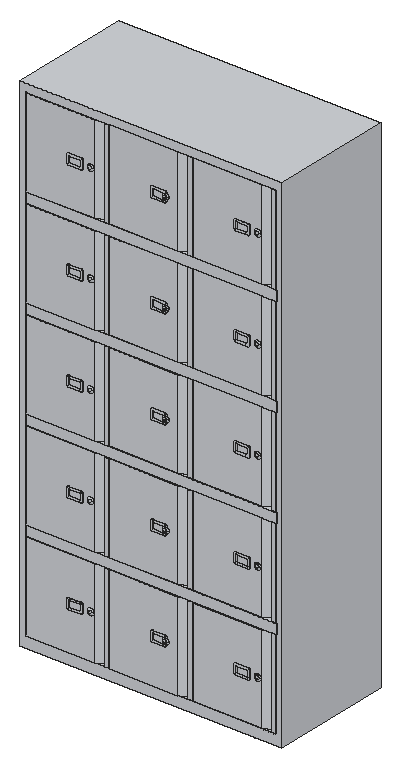
Revit family "BISLEY_SystemFile_Lodges", category Furniture, Revit 2018
Family settings
  OmniClass Number = 23.40.20.00
  OmniClass Title = General Furniture and Specialties
  Work Plane-Based = No
  Always vertical = Yes
  Cut with Voids When Loaded = No
  Shared = No
  Room Calculation Point = No
Parameters (values of type "SYL1060LT5B")
  Width = 1000 mm
  Warranty = "10 years"  # constant formula
  Uniclass2015Version = "V1.1"  # constant formula
  Uniclass2015Title = "Shelves and Storage Units"  # constant formula
  Uniclass 2015 Code = "PR_40_30_57"  # constant formula
  URL = "www.bisley.com"
  Training Requirements for Operational Use = "N/A"  # constant formula
  Routine Maintenance = "We recommend you clean your unit with warm water and a mild detergent solution. A damp cloth can be used to remove dust particles."  # constant formula
  Product Information = "15 x 342.9mm doors"
  Name = "Systemfile Lodge"  # constant formula
  Model Reference = "SYL1060LT5B"
  Model Number = ""  # constant formula
  Model = "Systemfile Lodge"  # constant formula
  Material = "Steel"  # constant formula
  Manufacturer = "Bisley"  # constant formula
  LockerType = "Systemfile"  # constant formula
  Installation Date = ""
  Height = 1947 mm
  Finish = "Powder Coated"  # constant formula
  Depth = 470 mm
  Compliance Standards Certification = "BS EN 14073 2004 Part 2 & 3, BS EN 14074, BS 4875 1998 Part 7 level 4 & Part 8, BS 476 Part 7 1987 Class 2Y"  # constant formula
  Colour = ""
  Category = "Furniture"  # constant formula
  Author = "Bisley"  # constant formula
  5th Row Tie Bar = yes
  5th Row TRIPLE = yes
  5th Row Door Height = 338.2 mm
  5th Row DOUBLE = no
  4th Row Tie Bar = yes
  4th Row TRIPLE = yes
  4th Row Doors Height = 338.2 mm
  4th Row DOUBLE = no
  3rd Row TRIPLE = yes
  3rd Row Doors Height = 338.2 mm
  3rd Row DOUBLE = no
  2nd Row TRIPLE = yes
  2nd Row DOUBLE = no
  1st Row TRIPLE = yes
  2nd Row Doors Height = 338.2 mm
  1st Row Doors Height = 338.2 mm
  1st Row DOUBLE = no
Reference planes
  plane 1 "Center (Front/Back)": y = 0
  plane 2: z = 7
  plane 3 "Center (Left/Right)": x = 0
  plane 4: x = -500
  plane 5: x = 500
  plane 6: y = 235
  plane 7: y = -235
  plane 8: z = 1954
  plane 9: z = 20
  plane 10: z = 60
  plane 11: x = -480
  plane 12: x = 480
  plane 13: y = 230
  plane 14: y = -215
  plane 15: y = -190
  plane 16: y = 190
  plane 17: z = 400.2
  plane 18: z = 402.2
  plane 19: z = 440.2
  plane 20: z = 442.2
  plane 21: z = 62
  plane 22: x = 478
  plane 23: x = -478
  plane 24: z = 231.1
  plane 25: z = 780.4
  plane 26: z = 782.4
  plane 27: z = 820.4
  plane 28: z = 822.4
  plane 29: z = 611.3
  plane 30: z = 1160.6
  plane 31: z = 1162.6
  plane 32: z = 1200.6
  plane 33: z = 1202.6
  plane 34: z = 1540.8
  plane 35: z = 1542.8
  plane 36: z = 1580.8
  plane 37: z = 1582.8
  plane 38: z = 991.5
  plane 39: z = 1371.7
  plane 40: z = 1751.9
  plane 41: z = 1921
  plane 42: z = 231.1
  plane 43: z = 611.3
  plane 44: z = 991.5
  plane 45: z = 1371.7
  plane 46: z = 1751.9
  plane 47: x = -160.667
  plane 48: x = -158.667
  plane 49: x = 158.667
  plane 50: x = 160.667
Forms (mm)
  Extrusion 1, solid
    sketch origin (0, 0, 7) x (1, 0, 0) y (0, 1, 0)
      loop
        line (-500, 235) -> (-500, -235) -> (500, -235) -> (500, 235) -> (-500, 235)
    from 13 to 1947
  Extrusion 2, void
    sketch origin (0, 0, 0) x (1, 0, 0) y (0, 0, 1)
      loop
        line (-480, 1924) -> (-480, 60) -> (480, 60) -> (480, 1924) -> (-480, 1924)
    from -230 to 235
  Extrusion 3, solid, not visible
    sketch origin (-14, 0, -11.486) x (0, 0, -1) y (0, -1, 0)
      loop
        line (-375, 215) -> (-73.486, 215) -> (-73.486, 235) -> (-323.022, 235) -> (-358, 216.402) -> (-373.358, 216.402) -> (-373.358, 233.251) -> (-358, 233.251) -> (-358, 235) -> (-375, 235) -> (-375, 215)
    from -391 to 363
  Extrusion 4, solid
    sketch origin (0, 0, 7) x (1, 0, 0) y (0, 1, 0)
      loop
        circle (381.667, 190) r 25
      loop
        circle (381.667, -190) r 25
      loop
        circle (-381.667, -190) r 25
      loop
        circle (-381.667, 190) r 25
    from 0 to 9
  Extrusion 5, solid
    sketch origin (0, 0, 7) x (1, 0, 0) y (0, 1, 0)
      loop
        circle (-381.667, 190) r 10
      loop
        circle (381.667, 190) r 10
      loop
        circle (381.667, -190) r 10
      loop
        circle (-381.667, -190) r 10
    from 9 to 13
  Extrusion 6, solid, visible <- "1st Row DOUBLE"
    sketch origin (9.715, 0, 63) x (1, 0, 0) y (0, 1, 0)
      loop
        line (14.375, -218.749) -> (46.285, -235.008) -> (468.285, -235.008) -> (468.285, -217.008) -> (-8.715, -217.008) -> (-8.715, -235.008) -> (8.285, -235.008) -> (8.285, -233.008) -> (-6.715, -233.008) -> (-6.715, -218.749) -> (14.375, -218.749)
    from -1 to 337.2
  Blend 7, solid, visible <- "1st Row DOUBLE"
    base sketch origin (0, 0, 0) x (1, 0, 0) y (0, 0, 1)
      loop
        circle (104.374, 231.1) r 12
    top sketch origin (0, 0, 0) x (1, 0, 0) y (0, 0, 1)
      loop
        circle (104.374, 231.1) r 7.7
    from 235 to 236.964
  Extrusion 8, solid, visible <- "2nd Row DOUBLE"
    sketch origin (9.715, 0, 410) x (1, 0, 0) y (0, 1, 0)
      loop
        line (14.375, -218.749) -> (46.285, -235.008) -> (468.285, -235.008) -> (468.285, -217.008) -> (-8.715, -217.008) -> (-8.715, -235.008) -> (8.285, -235.008) -> (8.285, -233.008) -> (-6.715, -233.008) -> (-6.715, -218.749) -> (14.375, -218.749)
    from 32.2 to 370.4
  Blend 9, solid, visible <- "2nd Row DOUBLE"
    base sketch origin (0, 0, 347) x (1, 0, 0) y (0, 0, 1)
      loop
        circle (104.374, 264.3) r 12
    top sketch origin (0, 0, 347) x (1, 0, 0) y (0, 0, 1)
      loop
        circle (104.374, 264.3) r 7.7
    from 235 to 236.964
  Extrusion 10, solid, visible <- "3rd Row DOUBLE"
    sketch origin (9.715, 0, 757) x (1, 0, 0) y (0, 1, 0)
      loop
        line (14.375, -218.749) -> (46.285, -235.008) -> (468.285, -235.008) -> (468.285, -217.008) -> (-8.715, -217.008) -> (-8.715, -235.008) -> (8.285, -235.008) -> (8.285, -233.008) -> (-6.715, -233.008) -> (-6.715, -218.749) -> (14.375, -218.749)
    from 65.4 to 403.6
  Blend 11, solid, visible <- "3rd Row DOUBLE"
    base sketch origin (0, 0, 694) x (1, 0, 0) y (0, 0, 1)
      loop
        circle (104.374, 297.5) r 12
    top sketch origin (0, 0, 694) x (1, 0, 0) y (0, 0, 1)
      loop
        circle (104.374, 297.5) r 7.7
    from 235 to 236.964
  Extrusion 12, solid, visible <- "4th Row DOUBLE"
    sketch origin (9.715, 0, 1104) x (1, 0, 0) y (0, 1, 0)
      loop
        line (14.375, -218.749) -> (46.285, -235.008) -> (468.285, -235.008) -> (468.285, -217.008) -> (-8.715, -217.008) -> (-8.715, -235.008) -> (8.285, -235.008) -> (8.285, -233.008) -> (-6.715, -233.008) -> (-6.715, -218.749) -> (14.375, -218.749)
    from 98.6 to 436.8
  Blend 13, solid, visible <- "4th Row DOUBLE"
    base sketch origin (0, 0, 1041) x (1, 0, 0) y (0, 0, 1)
      loop
        circle (104.374, 330.7) r 12
    top sketch origin (0, 0, 1041) x (1, 0, 0) y (0, 0, 1)
      loop
        circle (104.374, 330.7) r 7.7
    from 235 to 236.964
  Extrusion 14, solid, visible <- "5th Row DOUBLE"
    sketch origin (9.715, 0, 1451) x (1, 0, 0) y (0, 1, 0)
      loop
        line (14.375, -218.749) -> (46.285, -235.008) -> (468.285, -235.008) -> (468.285, -217.008) -> (-8.715, -217.008) -> (-8.715, -235.008) -> (8.285, -235.008) -> (8.285, -233.008) -> (-6.715, -233.008) -> (-6.715, -218.749) -> (14.375, -218.749)
    from 131.8 to 470
  Blend 15, solid, visible <- "5th Row DOUBLE"
    base sketch origin (0, 0, 1388) x (1, 0, 0) y (0, 0, 1)
      loop
        circle (104.374, 363.9) r 12
    top sketch origin (0, 0, 1388) x (1, 0, 0) y (0, 0, 1)
      loop
        circle (104.374, 363.9) r 7.7
    from 235 to 236.964
  Extrusion 16, solid
    sketch origin (0, 0, 0) x (1, 0, 0) y (0, 0, 1)
      loop
        line (-480, 440.2) -> (-480, 402.2) -> (480, 402.2) -> (480, 440.2) -> (-480, 440.2)
    from -230 to 235
  Extrusion 17, solid
    sketch origin (0, 0, 0) x (1, 0, 0) y (0, 0, 1)
      loop
        line (-480, 820.4) -> (-480, 782.4) -> (480, 782.4) -> (480, 820.4) -> (-480, 820.4)
    from -230 to 235
  Extrusion 18, solid, visible <- "4th Row Tie Bar"
    sketch origin (0, 0, 0) x (1, 0, 0) y (0, 0, 1)
      loop
        line (-480, 1200.6) -> (-480, 1162.6) -> (480, 1162.6) -> (480, 1200.6) -> (-480, 1200.6)
    from -230 to 235
  Extrusion 19, solid, visible <- "5th Row Tie Bar"
    sketch origin (0, 0, 0) x (1, 0, 0) y (0, 0, 1)
      loop
        line (-480, 1580.8) -> (-480, 1542.8) -> (480, 1542.8) -> (480, 1580.8) -> (-480, 1580.8)
    from -230 to 235
  Extrusion 20, solid, visible <- "1st Row DOUBLE"
    sketch origin (-10.125, 0, 63) x (-1, 0, 0) y (0, -1, 0)
      loop
        line (14.375, 218.749) -> (-6.715, 218.749) -> (-6.715, 233.008) -> (8.285, 233.008) -> (8.285, 235.008) -> (-8.715, 235.008) -> (-8.715, 217.008) -> (467.875, 217.008) -> (467.875, 235.008) -> (46.285, 235.008) -> (14.375, 218.749)
    from -1 to 337.2
  Blend 21, solid, visible <- "1st Row DOUBLE"
    base sketch origin (24.113, 0, 0) x (-1, 0, 0) y (0, 0, -1)
      loop
        circle (128.488, -231.1) r 12
    top sketch origin (24.113, 0, 0) x (-1, 0, 0) y (0, 0, -1)
      loop
        circle (128.488, -231.1) r 7.7
    from 235 to 236.964
  Extrusion 22, solid, visible <- "2nd Row DOUBLE"
    sketch origin (-9.715, 0, 410) x (-1, 0, 0) y (0, -1, 0)
      loop
        line (14.375, 218.749) -> (-6.715, 218.749) -> (-6.715, 233.008) -> (8.285, 233.008) -> (8.285, 235.008) -> (-8.715, 235.008) -> (-8.715, 217.008) -> (468.285, 217.008) -> (468.285, 235.008) -> (46.285, 235.008) -> (14.375, 218.749)
    from 32.2 to 370.4
  Blend 23, solid, visible <- "2nd Row DOUBLE"
    base sketch origin (0, 0, 347) x (-1, 0, 0) y (0, 0, -1)
      loop
        circle (104.374, -264.3) r 12
    top sketch origin (0, 0, 347) x (-1, 0, 0) y (0, 0, -1)
      loop
        circle (104.374, -264.3) r 7.7
    from 235 to 236.964
  Extrusion 24, solid, visible <- "3rd Row DOUBLE"
    sketch origin (-9.715, 0, 757) x (-1, 0, 0) y (0, -1, 0)
      loop
        line (14.375, 218.749) -> (-6.715, 218.749) -> (-6.715, 233.008) -> (8.285, 233.008) -> (8.285, 235.008) -> (-8.715, 235.008) -> (-8.715, 217.008) -> (468.285, 217.008) -> (468.285, 235.008) -> (46.285, 235.008) -> (14.375, 218.749)
    from 65.4 to 403.6
  Blend 25, solid, visible <- "3rd Row DOUBLE"
    base sketch origin (0, 0, 694) x (-1, 0, 0) y (0, 0, -1)
      loop
        circle (104.374, -297.5) r 12
    top sketch origin (0, 0, 694) x (-1, 0, 0) y (0, 0, -1)
      loop
        circle (104.374, -297.5) r 7.7
    from 235 to 236.964
  Extrusion 26, solid, visible <- "4th Row DOUBLE"
    sketch origin (-9.715, 0, 1104) x (-1, 0, 0) y (0, -1, 0)
      loop
        line (14.375, 218.749) -> (-6.715, 218.749) -> (-6.715, 233.008) -> (8.285, 233.008) -> (8.285, 235.008) -> (-8.715, 235.008) -> (-8.715, 217.008) -> (468.285, 217.008) -> (468.285, 235.008) -> (46.285, 235.008) -> (14.375, 218.749)
    from 98.6 to 436.8
  Blend 27, solid, visible <- "4th Row DOUBLE"
    base sketch origin (0, 0, 1041) x (-1, 0, 0) y (0, 0, -1)
      loop
        circle (104.374, -330.7) r 12
    top sketch origin (0, 0, 1041) x (-1, 0, 0) y (0, 0, -1)
      loop
        circle (104.374, -330.7) r 7.7
    from 235 to 236.964
  Extrusion 28, solid, visible <- "5th Row DOUBLE"
    sketch origin (-9.715, 0, 1451) x (-1, 0, 0) y (0, -1, 0)
      loop
        line (14.375, 218.749) -> (-6.715, 218.749) -> (-6.715, 233.008) -> (8.285, 233.008) -> (8.285, 235.008) -> (-8.715, 235.008) -> (-8.715, 217.008) -> (468.285, 217.008) -> (468.285, 235.008) -> (46.285, 235.008) -> (14.375, 218.749)
    from 131.8 to 470
  Blend 29, solid, visible <- "5th Row DOUBLE"
    base sketch origin (0, 0, 1388) x (-1, 0, 0) y (0, 0, -1)
      loop
        circle (104.374, -363.9) r 12
    top sketch origin (0, 0, 1388) x (-1, 0, 0) y (0, 0, -1)
      loop
        circle (104.374, -363.9) r 7.7
    from 235 to 236.964
  Extrusion 30, solid, visible <- "1st Row TRIPLE"
    sketch origin (-169.382, 0, 63) x (-1, 0, 0) y (0, -1, 0)
      loop
        line (14.375, 218.749) -> (-6.715, 218.749) -> (-6.715, 233.008) -> (8.285, 233.008) -> (8.285, 235.008) -> (-8.715, 235.008) -> (-8.715, 217.008) -> (308.618, 217.008) -> (308.618, 235.008) -> (46.285, 235.008) -> (14.375, 218.749)
    from -1 to 337.2
  Blend 31, solid, visible <- "1st Row TRIPLE"
    base sketch origin (-159.667, 0, 0) x (-1, 0, 0) y (0, 0, -1)
      loop
        circle (71.041, -231.1) r 12
    top sketch origin (-159.667, 0, 0) x (-1, 0, 0) y (0, 0, -1)
      loop
        circle (71.041, -231.1) r 7.7
    from 235 to 236.964
  Extrusion 32, solid, visible <- "1st Row TRIPLE"
    sketch origin (-159.667, 0, 0) x (-1, 0, 0) y (0, 0, -1)
      loop
        line (107.018, -251.1) -> (153.018, -251.1)
        arc (153.018, -251.1) -> (157.968, -249.05) -> (160.018, -244.1) r 7
        line (160.018, -244.1) -> (160.018, -218.1)
        arc (160.018, -218.1) -> (157.968, -213.15) -> (153.018, -211.1) r 7
        line (153.018, -211.1) -> (107.018, -211.1)
        arc (107.018, -211.1) -> (102.068, -213.15) -> (100.018, -218.1) r 7
        line (100.018, -218.1) -> (100.018, -244.1)
        arc (100.018, -244.1) -> (102.068, -249.05) -> (107.018, -251.1) r 7
      loop
        line (108.018, -244.1) -> (152.018, -244.1)
        arc (152.018, -244.1) -> (152.725, -243.807) -> (153.018, -243.1) r 1
        line (153.018, -243.1) -> (153.018, -219.1)
        arc (153.018, -219.1) -> (152.725, -218.393) -> (152.018, -218.1) r 1
        line (152.018, -218.1) -> (108.018, -218.1)
        arc (108.018, -218.1) -> (107.311, -218.393) -> (107.018, -219.1) r 1
        line (107.018, -219.1) -> (107.018, -243.1)
        arc (107.018, -243.1) -> (107.311, -243.807) -> (108.018, -244.1) r 1
    from 235 to 236.964
  Extrusion 33, solid, visible <- "1st Row TRIPLE"
    sketch origin (149.952, 0, 63) x (-1, 0, 0) y (0, -1, 0)
      loop
        line (14.375, 218.749) -> (-6.715, 218.749) -> (-6.715, 233.008) -> (8.285, 233.008) -> (8.285, 235.008) -> (-8.715, 235.008) -> (-8.715, 217.008) -> (308.618, 217.008) -> (308.618, 235.008) -> (46.285, 235.008) -> (14.375, 218.749)
    from -1 to 337.2
  Blend 34, solid, visible <- "1st Row TRIPLE"
    base sketch origin (159.667, 0, 0) x (-1, 0, 0) y (0, 0, -1)
      loop
        circle (104.374, -231.1) r 12
    top sketch origin (159.667, 0, 0) x (-1, 0, 0) y (0, 0, -1)
      loop
        circle (104.374, -231.1) r 7.7
    from 235 to 236.964
  Extrusion 35, solid, visible <- "1st Row TRIPLE"
    sketch origin (159.667, 0, 0) x (-1, 0, 0) y (0, 0, -1)
      loop
        line (107.018, -251.1) -> (153.018, -251.1)
        arc (153.018, -251.1) -> (157.968, -249.05) -> (160.018, -244.1) r 7
        line (160.018, -244.1) -> (160.018, -218.1)
        arc (160.018, -218.1) -> (157.968, -213.15) -> (153.018, -211.1) r 7
        line (153.018, -211.1) -> (107.018, -211.1)
        arc (107.018, -211.1) -> (102.068, -213.15) -> (100.018, -218.1) r 7
        line (100.018, -218.1) -> (100.018, -244.1)
        arc (100.018, -244.1) -> (102.068, -249.05) -> (107.018, -251.1) r 7
      loop
        line (108.018, -244.1) -> (152.018, -244.1)
        arc (152.018, -244.1) -> (152.725, -243.807) -> (153.018, -243.1) r 1
        line (153.018, -243.1) -> (153.018, -219.1)
        arc (153.018, -219.1) -> (152.725, -218.393) -> (152.018, -218.1) r 1
        line (152.018, -218.1) -> (108.018, -218.1)
        arc (108.018, -218.1) -> (107.311, -218.393) -> (107.018, -219.1) r 1
        line (107.018, -219.1) -> (107.018, -243.1)
        arc (107.018, -243.1) -> (107.311, -243.807) -> (108.018, -244.1) r 1
    from 235 to 236.964
  Extrusion 36, solid, visible <- "1st Row TRIPLE"
    sketch origin (469.285, 0, 63) x (-1, 0, 0) y (0, -1, 0)
      loop
        line (14.375, 218.749) -> (-6.715, 218.749) -> (-6.715, 233.008) -> (8.285, 233.008) -> (8.285, 235.008) -> (-8.715, 235.008) -> (-8.715, 217.008) -> (308.618, 217.008) -> (308.618, 235.008) -> (46.285, 235.008) -> (14.375, 218.749)
    from -1 to 337.2
  Blend 37, solid, visible <- "1st Row TRIPLE"
    base sketch origin (479, 0, 0) x (-1, 0, 0) y (0, 0, -1)
      loop
        circle (71.041, -231.1) r 12
    top sketch origin (479, 0, 0) x (-1, 0, 0) y (0, 0, -1)
      loop
        circle (71.041, -231.1) r 7.7
    from 235 to 236.964
  Extrusion 38, solid, visible <- "1st Row TRIPLE"
    sketch origin (479, 0, 0) x (-1, 0, 0) y (0, 0, -1)
      loop
        line (107.018, -251.1) -> (153.018, -251.1)
        arc (153.018, -251.1) -> (157.968, -249.05) -> (160.018, -244.1) r 7
        line (160.018, -244.1) -> (160.018, -218.1)
        arc (160.018, -218.1) -> (157.968, -213.15) -> (153.018, -211.1) r 7
        line (153.018, -211.1) -> (107.018, -211.1)
        arc (107.018, -211.1) -> (102.068, -213.15) -> (100.018, -218.1) r 7
        line (100.018, -218.1) -> (100.018, -244.1)
        arc (100.018, -244.1) -> (102.068, -249.05) -> (107.018, -251.1) r 7
      loop
        line (108.018, -244.1) -> (152.018, -244.1)
        arc (152.018, -244.1) -> (152.725, -243.807) -> (153.018, -243.1) r 1
        line (153.018, -243.1) -> (153.018, -219.1)
        arc (153.018, -219.1) -> (152.725, -218.393) -> (152.018, -218.1) r 1
        line (152.018, -218.1) -> (108.018, -218.1)
        arc (108.018, -218.1) -> (107.311, -218.393) -> (107.018, -219.1) r 1
        line (107.018, -219.1) -> (107.018, -243.1)
        arc (107.018, -243.1) -> (107.311, -243.807) -> (108.018, -244.1) r 1
    from 235 to 236.964
  Extrusion 39, solid, visible <- "2nd Row TRIPLE"
    sketch origin (-169.382, 0, 499.1) x (-1, 0, 0) y (0, -1, 0)
      loop
        line (14.375, 218.749) -> (-6.715, 218.749) -> (-6.715, 233.008) -> (8.285, 233.008) -> (8.285, 235.008) -> (-8.715, 235.008) -> (-8.715, 217.008) -> (308.618, 217.008) -> (308.618, 235.008) -> (46.285, 235.008) -> (14.375, 218.749)
    from -56.9 to 281.3
  Blend 40, solid, visible <- "2nd Row TRIPLE"
    base sketch origin (-159.667, 0, 436.1) x (-1, 0, 0) y (0, 0, -1)
      loop
        circle (71.041, -175.2) r 12
    top sketch origin (-159.667, 0, 436.1) x (-1, 0, 0) y (0, 0, -1)
      loop
        circle (71.041, -175.2) r 7.7
    from 235 to 236.964
  Extrusion 41, solid, visible <- "2nd Row TRIPLE"
    sketch origin (-159.667, 0, 436.1) x (-1, 0, 0) y (0, 0, -1)
      loop
        line (107.018, -195.2) -> (153.018, -195.2)
        arc (153.018, -195.2) -> (157.968, -193.15) -> (160.018, -188.2) r 7
        line (160.018, -188.2) -> (160.018, -162.2)
        arc (160.018, -162.2) -> (157.968, -157.25) -> (153.018, -155.2) r 7
        line (153.018, -155.2) -> (107.018, -155.2)
        arc (107.018, -155.2) -> (102.068, -157.25) -> (100.018, -162.2) r 7
        line (100.018, -162.2) -> (100.018, -188.2)
        arc (100.018, -188.2) -> (102.068, -193.15) -> (107.018, -195.2) r 7
      loop
        line (108.018, -188.2) -> (152.018, -188.2)
        arc (152.018, -188.2) -> (152.725, -187.907) -> (153.018, -187.2) r 1
        line (153.018, -187.2) -> (153.018, -163.2)
        arc (153.018, -163.2) -> (152.725, -162.493) -> (152.018, -162.2) r 1
        line (152.018, -162.2) -> (108.018, -162.2)
        arc (108.018, -162.2) -> (107.311, -162.493) -> (107.018, -163.2) r 1
        line (107.018, -163.2) -> (107.018, -187.2)
        arc (107.018, -187.2) -> (107.311, -187.907) -> (108.018, -188.2) r 1
    from 235 to 236.964
  Extrusion 42, solid, visible <- "2nd Row TRIPLE"
    sketch origin (149.952, 0, 499.1) x (-1, 0, 0) y (0, -1, 0)
      loop
        line (14.375, 218.749) -> (-6.715, 218.749) -> (-6.715, 233.008) -> (8.285, 233.008) -> (8.285, 235.008) -> (-8.715, 235.008) -> (-8.715, 217.008) -> (308.618, 217.008) -> (308.618, 235.008) -> (46.285, 235.008) -> (14.375, 218.749)
    from -56.9 to 281.3
  Blend 43, solid, visible <- "2nd Row TRIPLE"
    base sketch origin (159.667, 0, 436.1) x (-1, 0, 0) y (0, 0, -1)
      loop
        circle (104.374, -175.2) r 12
    top sketch origin (159.667, 0, 436.1) x (-1, 0, 0) y (0, 0, -1)
      loop
        circle (104.374, -175.2) r 7.7
    from 235 to 236.964
  Extrusion 44, solid, visible <- "2nd Row TRIPLE"
    sketch origin (159.667, 0, 436.1) x (-1, 0, 0) y (0, 0, -1)
      loop
        line (107.018, -195.2) -> (153.018, -195.2)
        arc (153.018, -195.2) -> (157.968, -193.15) -> (160.018, -188.2) r 7
        line (160.018, -188.2) -> (160.018, -162.2)
        arc (160.018, -162.2) -> (157.968, -157.25) -> (153.018, -155.2) r 7
        line (153.018, -155.2) -> (107.018, -155.2)
        arc (107.018, -155.2) -> (102.068, -157.25) -> (100.018, -162.2) r 7
        line (100.018, -162.2) -> (100.018, -188.2)
        arc (100.018, -188.2) -> (102.068, -193.15) -> (107.018, -195.2) r 7
      loop
        line (108.018, -188.2) -> (152.018, -188.2)
        arc (152.018, -188.2) -> (152.725, -187.907) -> (153.018, -187.2) r 1
        line (153.018, -187.2) -> (153.018, -163.2)
        arc (153.018, -163.2) -> (152.725, -162.493) -> (152.018, -162.2) r 1
        line (152.018, -162.2) -> (108.018, -162.2)
        arc (108.018, -162.2) -> (107.311, -162.493) -> (107.018, -163.2) r 1
        line (107.018, -163.2) -> (107.018, -187.2)
        arc (107.018, -187.2) -> (107.311, -187.907) -> (108.018, -188.2) r 1
    from 235 to 236.964
  Extrusion 45, solid, visible <- "2nd Row TRIPLE"
    sketch origin (469.285, 0, 499.1) x (-1, 0, 0) y (0, -1, 0)
      loop
        line (14.375, 218.749) -> (-6.715, 218.749) -> (-6.715, 233.008) -> (8.285, 233.008) -> (8.285, 235.008) -> (-8.715, 235.008) -> (-8.715, 217.008) -> (308.618, 217.008) -> (308.618, 235.008) -> (46.285, 235.008) -> (14.375, 218.749)
    from -56.9 to 281.3
  Blend 46, solid, visible <- "2nd Row TRIPLE"
    base sketch origin (479, 0, 436.1) x (-1, 0, 0) y (0, 0, -1)
      loop
        circle (71.041, -175.2) r 12
    top sketch origin (479, 0, 436.1) x (-1, 0, 0) y (0, 0, -1)
      loop
        circle (71.041, -175.2) r 7.7
    from 235 to 236.964
  Extrusion 47, solid, visible <- "2nd Row TRIPLE"
    sketch origin (479, 0, 436.1) x (-1, 0, 0) y (0, 0, -1)
      loop
        line (107.018, -195.2) -> (153.018, -195.2)
        arc (153.018, -195.2) -> (157.968, -193.15) -> (160.018, -188.2) r 7
        line (160.018, -188.2) -> (160.018, -162.2)
        arc (160.018, -162.2) -> (157.968, -157.25) -> (153.018, -155.2) r 7
        line (153.018, -155.2) -> (107.018, -155.2)
        arc (107.018, -155.2) -> (102.068, -157.25) -> (100.018, -162.2) r 7
        line (100.018, -162.2) -> (100.018, -188.2)
        arc (100.018, -188.2) -> (102.068, -193.15) -> (107.018, -195.2) r 7
      loop
        line (108.018, -188.2) -> (152.018, -188.2)
        arc (152.018, -188.2) -> (152.725, -187.907) -> (153.018, -187.2) r 1
        line (153.018, -187.2) -> (153.018, -163.2)
        arc (153.018, -163.2) -> (152.725, -162.493) -> (152.018, -162.2) r 1
        line (152.018, -162.2) -> (108.018, -162.2)
        arc (108.018, -162.2) -> (107.311, -162.493) -> (107.018, -163.2) r 1
        line (107.018, -163.2) -> (107.018, -187.2)
        arc (107.018, -187.2) -> (107.311, -187.907) -> (108.018, -188.2) r 1
    from 235 to 236.964
  Extrusion 48, solid, visible <- "3rd Row TRIPLE"
    sketch origin (-169.382, 0, 879.3) x (-1, 0, 0) y (0, -1, 0)
      loop
        line (14.375, 218.749) -> (-6.715, 218.749) -> (-6.715, 233.008) -> (8.285, 233.008) -> (8.285, 235.008) -> (-8.715, 235.008) -> (-8.715, 217.008) -> (308.618, 217.008) -> (308.618, 235.008) -> (46.285, 235.008) -> (14.375, 218.749)
    from -56.9 to 281.3
  Blend 49, solid, visible <- "3rd Row TRIPLE"
    base sketch origin (-159.667, 0, 816.3) x (-1, 0, 0) y (0, 0, -1)
      loop
        circle (71.041, -175.2) r 12
    top sketch origin (-159.667, 0, 816.3) x (-1, 0, 0) y (0, 0, -1)
      loop
        circle (71.041, -175.2) r 7.7
    from 235 to 236.964
  Extrusion 50, solid, visible <- "3rd Row TRIPLE"
    sketch origin (-159.667, 0, 816.3) x (-1, 0, 0) y (0, 0, -1)
      loop
        line (107.018, -195.2) -> (153.018, -195.2)
        arc (153.018, -195.2) -> (157.968, -193.15) -> (160.018, -188.2) r 7
        line (160.018, -188.2) -> (160.018, -162.2)
        arc (160.018, -162.2) -> (157.968, -157.25) -> (153.018, -155.2) r 7
        line (153.018, -155.2) -> (107.018, -155.2)
        arc (107.018, -155.2) -> (102.068, -157.25) -> (100.018, -162.2) r 7
        line (100.018, -162.2) -> (100.018, -188.2)
        arc (100.018, -188.2) -> (102.068, -193.15) -> (107.018, -195.2) r 7
      loop
        line (108.018, -188.2) -> (152.018, -188.2)
        arc (152.018, -188.2) -> (152.725, -187.907) -> (153.018, -187.2) r 1
        line (153.018, -187.2) -> (153.018, -163.2)
        arc (153.018, -163.2) -> (152.725, -162.493) -> (152.018, -162.2) r 1
        line (152.018, -162.2) -> (108.018, -162.2)
        arc (108.018, -162.2) -> (107.311, -162.493) -> (107.018, -163.2) r 1
        line (107.018, -163.2) -> (107.018, -187.2)
        arc (107.018, -187.2) -> (107.311, -187.907) -> (108.018, -188.2) r 1
    from 235 to 236.964
  Extrusion 51, solid, visible <- "3rd Row TRIPLE"
    sketch origin (149.952, 0, 879.3) x (-1, 0, 0) y (0, -1, 0)
      loop
        line (14.375, 218.749) -> (-6.715, 218.749) -> (-6.715, 233.008) -> (8.285, 233.008) -> (8.285, 235.008) -> (-8.715, 235.008) -> (-8.715, 217.008) -> (308.618, 217.008) -> (308.618, 235.008) -> (46.285, 235.008) -> (14.375, 218.749)
    from -56.9 to 281.3
  Blend 52, solid, visible <- "3rd Row TRIPLE"
    base sketch origin (159.667, 0, 872.2) x (-1, 0, 0) y (0, 0, -1)
      loop
        circle (104.374, -119.3) r 12
    top sketch origin (159.667, 0, 872.2) x (-1, 0, 0) y (0, 0, -1)
      loop
        circle (104.374, -119.3) r 7.7
    from 235 to 236.964
  Extrusion 53, solid, visible <- "3rd Row TRIPLE"
    sketch origin (159.667, 0, 872.2) x (-1, 0, 0) y (0, 0, -1)
      loop
        line (107.018, -139.3) -> (153.018, -139.3)
        arc (153.018, -139.3) -> (157.968, -137.25) -> (160.018, -132.3) r 7
        line (160.018, -132.3) -> (160.018, -106.3)
        arc (160.018, -106.3) -> (157.968, -101.35) -> (153.018, -99.3) r 7
        line (153.018, -99.3) -> (107.018, -99.3)
        arc (107.018, -99.3) -> (102.068, -101.35) -> (100.018, -106.3) r 7
        line (100.018, -106.3) -> (100.018, -132.3)
        arc (100.018, -132.3) -> (102.068, -137.25) -> (107.018, -139.3) r 7
      loop
        line (108.018, -132.3) -> (152.018, -132.3)
        arc (152.018, -132.3) -> (152.725, -132.007) -> (153.018, -131.3) r 1
        line (153.018, -131.3) -> (153.018, -107.3)
        arc (153.018, -107.3) -> (152.725, -106.593) -> (152.018, -106.3) r 1
        line (152.018, -106.3) -> (108.018, -106.3)
        arc (108.018, -106.3) -> (107.311, -106.593) -> (107.018, -107.3) r 1
        line (107.018, -107.3) -> (107.018, -131.3)
        arc (107.018, -131.3) -> (107.311, -132.007) -> (108.018, -132.3) r 1
    from 235 to 236.964
  Extrusion 54, solid, visible <- "3rd Row TRIPLE"
    sketch origin (469.285, 0, 879.3) x (-1, 0, 0) y (0, -1, 0)
      loop
        line (14.375, 218.749) -> (-6.715, 218.749) -> (-6.715, 233.008) -> (8.285, 233.008) -> (8.285, 235.008) -> (-8.715, 235.008) -> (-8.715, 217.008) -> (308.618, 217.008) -> (308.618, 235.008) -> (46.285, 235.008) -> (14.375, 218.749)
    from -56.9 to 281.3
  Blend 55, solid, visible <- "3rd Row TRIPLE"
    base sketch origin (479, 0, 816.3) x (-1, 0, 0) y (0, 0, -1)
      loop
        circle (71.041, -175.2) r 12
    top sketch origin (479, 0, 816.3) x (-1, 0, 0) y (0, 0, -1)
      loop
        circle (71.041, -175.2) r 7.7
    from 235 to 236.964
  Extrusion 56, solid, visible <- "3rd Row TRIPLE"
    sketch origin (479, 0, 816.3) x (-1, 0, 0) y (0, 0, -1)
      loop
        line (107.018, -195.2) -> (153.018, -195.2)
        arc (153.018, -195.2) -> (157.968, -193.15) -> (160.018, -188.2) r 7
        line (160.018, -188.2) -> (160.018, -162.2)
        arc (160.018, -162.2) -> (157.968, -157.25) -> (153.018, -155.2) r 7
        line (153.018, -155.2) -> (107.018, -155.2)
        arc (107.018, -155.2) -> (102.068, -157.25) -> (100.018, -162.2) r 7
        line (100.018, -162.2) -> (100.018, -188.2)
        arc (100.018, -188.2) -> (102.068, -193.15) -> (107.018, -195.2) r 7
      loop
        line (108.018, -188.2) -> (152.018, -188.2)
        arc (152.018, -188.2) -> (152.725, -187.907) -> (153.018, -187.2) r 1
        line (153.018, -187.2) -> (153.018, -163.2)
        arc (153.018, -163.2) -> (152.725, -162.493) -> (152.018, -162.2) r 1
        line (152.018, -162.2) -> (108.018, -162.2)
        arc (108.018, -162.2) -> (107.311, -162.493) -> (107.018, -163.2) r 1
        line (107.018, -163.2) -> (107.018, -187.2)
        arc (107.018, -187.2) -> (107.311, -187.907) -> (108.018, -188.2) r 1
    from 235 to 236.964
  Extrusion 57, solid, visible <- "4th Row TRIPLE"
    sketch origin (-169.382, 0, 1259.5) x (-1, 0, 0) y (0, -1, 0)
      loop
        line (14.375, 218.749) -> (-6.715, 218.749) -> (-6.715, 233.008) -> (8.285, 233.008) -> (8.285, 235.008) -> (-8.715, 235.008) -> (-8.715, 217.008) -> (308.618, 217.008) -> (308.618, 235.008) -> (46.285, 235.008) -> (14.375, 218.749)
    from -56.9 to 281.3
  Blend 58, solid, visible <- "4th Row TRIPLE"
    base sketch origin (-159.667, 0, 1196.5) x (-1, 0, 0) y (0, 0, -1)
      loop
        circle (71.041, -175.2) r 12
    top sketch origin (-159.667, 0, 1196.5) x (-1, 0, 0) y (0, 0, -1)
      loop
        circle (71.041, -175.2) r 7.7
    from 235 to 236.964
  Extrusion 59, solid, visible <- "4th Row TRIPLE"
    sketch origin (-159.667, 0, 1196.5) x (-1, 0, 0) y (0, 0, -1)
      loop
        line (107.018, -195.2) -> (153.018, -195.2)
        arc (153.018, -195.2) -> (157.968, -193.15) -> (160.018, -188.2) r 7
        line (160.018, -188.2) -> (160.018, -162.2)
        arc (160.018, -162.2) -> (157.968, -157.25) -> (153.018, -155.2) r 7
        line (153.018, -155.2) -> (107.018, -155.2)
        arc (107.018, -155.2) -> (102.068, -157.25) -> (100.018, -162.2) r 7
        line (100.018, -162.2) -> (100.018, -188.2)
        arc (100.018, -188.2) -> (102.068, -193.15) -> (107.018, -195.2) r 7
      loop
        line (108.018, -188.2) -> (152.018, -188.2)
        arc (152.018, -188.2) -> (152.725, -187.907) -> (153.018, -187.2) r 1
        line (153.018, -187.2) -> (153.018, -163.2)
        arc (153.018, -163.2) -> (152.725, -162.493) -> (152.018, -162.2) r 1
        line (152.018, -162.2) -> (108.018, -162.2)
        arc (108.018, -162.2) -> (107.311, -162.493) -> (107.018, -163.2) r 1
        line (107.018, -163.2) -> (107.018, -187.2)
        arc (107.018, -187.2) -> (107.311, -187.907) -> (108.018, -188.2) r 1
    from 235 to 236.964
  Extrusion 60, solid, visible <- "4th Row TRIPLE"
    sketch origin (149.952, 0, 1259.5) x (-1, 0, 0) y (0, -1, 0)
      loop
        line (14.375, 218.749) -> (-6.715, 218.749) -> (-6.715, 233.008) -> (8.285, 233.008) -> (8.285, 235.008) -> (-8.715, 235.008) -> (-8.715, 217.008) -> (308.618, 217.008) -> (308.618, 235.008) -> (46.285, 235.008) -> (14.375, 218.749)
    from -56.9 to 281.3
  Blend 61, solid, visible <- "4th Row TRIPLE"
    base sketch origin (159.667, 0, 1196.5) x (-1, 0, 0) y (0, 0, -1)
      loop
        circle (104.374, -175.2) r 12
    top sketch origin (159.667, 0, 1196.5) x (-1, 0, 0) y (0, 0, -1)
      loop
        circle (104.374, -175.2) r 7.7
    from 235 to 236.964
  Extrusion 62, solid, visible <- "4th Row TRIPLE"
    sketch origin (159.667, 0, 1196.5) x (-1, 0, 0) y (0, 0, -1)
      loop
        line (107.018, -195.2) -> (153.018, -195.2)
        arc (153.018, -195.2) -> (157.968, -193.15) -> (160.018, -188.2) r 7
        line (160.018, -188.2) -> (160.018, -162.2)
        arc (160.018, -162.2) -> (157.968, -157.25) -> (153.018, -155.2) r 7
        line (153.018, -155.2) -> (107.018, -155.2)
        arc (107.018, -155.2) -> (102.068, -157.25) -> (100.018, -162.2) r 7
        line (100.018, -162.2) -> (100.018, -188.2)
        arc (100.018, -188.2) -> (102.068, -193.15) -> (107.018, -195.2) r 7
      loop
        line (108.018, -188.2) -> (152.018, -188.2)
        arc (152.018, -188.2) -> (152.725, -187.907) -> (153.018, -187.2) r 1
        line (153.018, -187.2) -> (153.018, -163.2)
        arc (153.018, -163.2) -> (152.725, -162.493) -> (152.018, -162.2) r 1
        line (152.018, -162.2) -> (108.018, -162.2)
        arc (108.018, -162.2) -> (107.311, -162.493) -> (107.018, -163.2) r 1
        line (107.018, -163.2) -> (107.018, -187.2)
        arc (107.018, -187.2) -> (107.311, -187.907) -> (108.018, -188.2) r 1
    from 235 to 236.964
  Extrusion 63, solid, visible <- "4th Row TRIPLE"
    sketch origin (469.285, 0, 1259.5) x (-1, 0, 0) y (0, -1, 0)
      loop
        line (14.375, 218.749) -> (-6.715, 218.749) -> (-6.715, 233.008) -> (8.285, 233.008) -> (8.285, 235.008) -> (-8.715, 235.008) -> (-8.715, 217.008) -> (308.618, 217.008) -> (308.618, 235.008) -> (46.285, 235.008) -> (14.375, 218.749)
    from -56.9 to 281.3
  Blend 64, solid, visible <- "4th Row TRIPLE"
    base sketch origin (479, 0, 1196.5) x (-1, 0, 0) y (0, 0, -1)
      loop
        circle (71.041, -175.2) r 12
    top sketch origin (479, 0, 1196.5) x (-1, 0, 0) y (0, 0, -1)
      loop
        circle (71.041, -175.2) r 7.7
    from 235 to 236.964
  Extrusion 65, solid, visible <- "4th Row TRIPLE"
    sketch origin (479, 0, 1196.5) x (-1, 0, 0) y (0, 0, -1)
      loop
        line (107.018, -195.2) -> (153.018, -195.2)
        arc (153.018, -195.2) -> (157.968, -193.15) -> (160.018, -188.2) r 7
        line (160.018, -188.2) -> (160.018, -162.2)
        arc (160.018, -162.2) -> (157.968, -157.25) -> (153.018, -155.2) r 7
        line (153.018, -155.2) -> (107.018, -155.2)
        arc (107.018, -155.2) -> (102.068, -157.25) -> (100.018, -162.2) r 7
        line (100.018, -162.2) -> (100.018, -188.2)
        arc (100.018, -188.2) -> (102.068, -193.15) -> (107.018, -195.2) r 7
      loop
        line (108.018, -188.2) -> (152.018, -188.2)
        arc (152.018, -188.2) -> (152.725, -187.907) -> (153.018, -187.2) r 1
        line (153.018, -187.2) -> (153.018, -163.2)
        arc (153.018, -163.2) -> (152.725, -162.493) -> (152.018, -162.2) r 1
        line (152.018, -162.2) -> (108.018, -162.2)
        arc (108.018, -162.2) -> (107.311, -162.493) -> (107.018, -163.2) r 1
        line (107.018, -163.2) -> (107.018, -187.2)
        arc (107.018, -187.2) -> (107.311, -187.907) -> (108.018, -188.2) r 1
    from 235 to 236.964
  Extrusion 66, solid, visible <- "5th Row TRIPLE"
    sketch origin (-169.382, 0, 1639.7) x (-1, 0, 0) y (0, -1, 0)
      loop
        line (14.375, 218.749) -> (-6.715, 218.749) -> (-6.715, 233.008) -> (8.285, 233.008) -> (8.285, 235.008) -> (-8.715, 235.008) -> (-8.715, 217.008) -> (308.618, 217.008) -> (308.618, 235.008) -> (46.285, 235.008) -> (14.375, 218.749)
    from -56.9 to 281.3
  Blend 67, solid, visible <- "5th Row TRIPLE"
    base sketch origin (-159.667, 0, 1576.7) x (-1, 0, 0) y (0, 0, -1)
      loop
        circle (71.041, -175.2) r 12
    top sketch origin (-159.667, 0, 1576.7) x (-1, 0, 0) y (0, 0, -1)
      loop
        circle (71.041, -175.2) r 7.7
    from 235 to 236.964
  Extrusion 68, solid, visible <- "5th Row TRIPLE"
    sketch origin (-159.667, 0, 1576.7) x (-1, 0, 0) y (0, 0, -1)
      loop
        line (107.018, -195.2) -> (153.018, -195.2)
        arc (153.018, -195.2) -> (157.968, -193.15) -> (160.018, -188.2) r 7
        line (160.018, -188.2) -> (160.018, -162.2)
        arc (160.018, -162.2) -> (157.968, -157.25) -> (153.018, -155.2) r 7
        line (153.018, -155.2) -> (107.018, -155.2)
        arc (107.018, -155.2) -> (102.068, -157.25) -> (100.018, -162.2) r 7
        line (100.018, -162.2) -> (100.018, -188.2)
        arc (100.018, -188.2) -> (102.068, -193.15) -> (107.018, -195.2) r 7
      loop
        line (108.018, -188.2) -> (152.018, -188.2)
        arc (152.018, -188.2) -> (152.725, -187.907) -> (153.018, -187.2) r 1
        line (153.018, -187.2) -> (153.018, -163.2)
        arc (153.018, -163.2) -> (152.725, -162.493) -> (152.018, -162.2) r 1
        line (152.018, -162.2) -> (108.018, -162.2)
        arc (108.018, -162.2) -> (107.311, -162.493) -> (107.018, -163.2) r 1
        line (107.018, -163.2) -> (107.018, -187.2)
        arc (107.018, -187.2) -> (107.311, -187.907) -> (108.018, -188.2) r 1
    from 235 to 236.964
  Extrusion 69, solid, visible <- "5th Row TRIPLE"
    sketch origin (149.952, 0, 1639.7) x (-1, 0, 0) y (0, -1, 0)
      loop
        line (14.375, 218.749) -> (-6.715, 218.749) -> (-6.715, 233.008) -> (8.285, 233.008) -> (8.285, 235.008) -> (-8.715, 235.008) -> (-8.715, 217.008) -> (308.618, 217.008) -> (308.618, 235.008) -> (46.285, 235.008) -> (14.375, 218.749)
    from -56.9 to 281.3
  Blend 70, solid, visible <- "5th Row TRIPLE"
    base sketch origin (159.667, 0, 1576.7) x (-1, 0, 0) y (0, 0, -1)
      loop
        circle (104.374, -175.2) r 12
    top sketch origin (159.667, 0, 1576.7) x (-1, 0, 0) y (0, 0, -1)
      loop
        circle (104.374, -175.2) r 7.7
    from 235 to 236.964
  Extrusion 71, solid, visible <- "5th Row TRIPLE"
    sketch origin (159.667, 0, 1576.7) x (-1, 0, 0) y (0, 0, -1)
      loop
        line (107.018, -195.2) -> (153.018, -195.2)
        arc (153.018, -195.2) -> (157.968, -193.15) -> (160.018, -188.2) r 7
        line (160.018, -188.2) -> (160.018, -162.2)
        arc (160.018, -162.2) -> (157.968, -157.25) -> (153.018, -155.2) r 7
        line (153.018, -155.2) -> (107.018, -155.2)
        arc (107.018, -155.2) -> (102.068, -157.25) -> (100.018, -162.2) r 7
        line (100.018, -162.2) -> (100.018, -188.2)
        arc (100.018, -188.2) -> (102.068, -193.15) -> (107.018, -195.2) r 7
      loop
        line (108.018, -188.2) -> (152.018, -188.2)
        arc (152.018, -188.2) -> (152.725, -187.907) -> (153.018, -187.2) r 1
        line (153.018, -187.2) -> (153.018, -163.2)
        arc (153.018, -163.2) -> (152.725, -162.493) -> (152.018, -162.2) r 1
        line (152.018, -162.2) -> (108.018, -162.2)
        arc (108.018, -162.2) -> (107.311, -162.493) -> (107.018, -163.2) r 1
        line (107.018, -163.2) -> (107.018, -187.2)
        arc (107.018, -187.2) -> (107.311, -187.907) -> (108.018, -188.2) r 1
    from 235 to 236.964
  Extrusion 72, solid, visible <- "5th Row TRIPLE"
    sketch origin (469.285, 0, 1639.7) x (-1, 0, 0) y (0, -1, 0)
      loop
        line (14.375, 218.749) -> (-6.715, 218.749) -> (-6.715, 233.008) -> (8.285, 233.008) -> (8.285, 235.008) -> (-8.715, 235.008) -> (-8.715, 217.008) -> (308.618, 217.008) -> (308.618, 235.008) -> (46.285, 235.008) -> (14.375, 218.749)
    from -56.9 to 281.3
  Blend 73, solid, visible <- "5th Row TRIPLE"
    base sketch origin (479, 0, 1576.7) x (-1, 0, 0) y (0, 0, -1)
      loop
        circle (71.041, -175.2) r 12
    top sketch origin (479, 0, 1576.7) x (-1, 0, 0) y (0, 0, -1)
      loop
        circle (71.041, -175.2) r 7.7
    from 235 to 236.964
  Extrusion 74, solid, visible <- "5th Row TRIPLE"
    sketch origin (479, 0, 1576.7) x (-1, 0, 0) y (0, 0, -1)
      loop
        line (107.018, -195.2) -> (153.018, -195.2)
        arc (153.018, -195.2) -> (157.968, -193.15) -> (160.018, -188.2) r 7
        line (160.018, -188.2) -> (160.018, -162.2)
        arc (160.018, -162.2) -> (157.968, -157.25) -> (153.018, -155.2) r 7
        line (153.018, -155.2) -> (107.018, -155.2)
        arc (107.018, -155.2) -> (102.068, -157.25) -> (100.018, -162.2) r 7
        line (100.018, -162.2) -> (100.018, -188.2)
        arc (100.018, -188.2) -> (102.068, -193.15) -> (107.018, -195.2) r 7
      loop
        line (108.018, -188.2) -> (152.018, -188.2)
        arc (152.018, -188.2) -> (152.725, -187.907) -> (153.018, -187.2) r 1
        line (153.018, -187.2) -> (153.018, -163.2)
        arc (153.018, -163.2) -> (152.725, -162.493) -> (152.018, -162.2) r 1
        line (152.018, -162.2) -> (108.018, -162.2)
        arc (108.018, -162.2) -> (107.311, -162.493) -> (107.018, -163.2) r 1
        line (107.018, -163.2) -> (107.018, -187.2)
        arc (107.018, -187.2) -> (107.311, -187.907) -> (108.018, -188.2) r 1
    from 235 to 236.964
  Extrusion 75, solid, visible <- "1st Row DOUBLE"
    sketch origin (0, 0, 0) x (1, 0, 0) y (0, 0, 1)
      loop
        line (-193.396, 231.1) -> (-193.396, 218.1)
        arc (-193.396, 218.1) -> (-191.346, 213.15) -> (-186.396, 211.1) r 7
        line (-186.396, 211.1) -> (-140.396, 211.1)
        arc (-140.396, 211.1) -> (-135.446, 213.15) -> (-133.396, 218.1) r 7
        line (-133.396, 218.1) -> (-133.396, 231.1) -> (-133.396, 244.1)
        arc (-133.396, 244.1) -> (-135.446, 249.05) -> (-140.396, 251.1) r 7
        line (-140.396, 251.1) -> (-186.396, 251.1)
        arc (-186.396, 251.1) -> (-191.346, 249.05) -> (-193.396, 244.1) r 7
        line (-193.396, 244.1) -> (-193.396, 231.1)
      loop
        line (-186.396, 231.1) -> (-186.396, 219.1)
        arc (-186.396, 219.1) -> (-186.103, 218.393) -> (-185.396, 218.1) r 1
        line (-185.396, 218.1) -> (-141.396, 218.1)
        arc (-141.396, 218.1) -> (-140.689, 218.393) -> (-140.396, 219.1) r 1
        line (-140.396, 219.1) -> (-140.396, 231.1) -> (-140.396, 243.1)
        arc (-140.396, 243.1) -> (-140.689, 243.807) -> (-141.396, 244.1) r 1
        line (-141.396, 244.1) -> (-185.396, 244.1)
        arc (-185.396, 244.1) -> (-186.103, 243.807) -> (-186.396, 243.1) r 1
        line (-186.396, 243.1) -> (-186.396, 231.1)
    from 235 to 236.964
  Extrusion 76, solid, visible <- "2nd Row DOUBLE"
    sketch origin (0, 0, 380.2) x (1, 0, 0) y (0, 0, 1)
      loop
        line (-193.396, 231.1) -> (-193.396, 218.1)
        arc (-193.396, 218.1) -> (-191.346, 213.15) -> (-186.396, 211.1) r 7
        line (-186.396, 211.1) -> (-140.396, 211.1)
        arc (-140.396, 211.1) -> (-135.446, 213.15) -> (-133.396, 218.1) r 7
        line (-133.396, 218.1) -> (-133.396, 231.1) -> (-133.396, 244.1)
        arc (-133.396, 244.1) -> (-135.446, 249.05) -> (-140.396, 251.1) r 7
        line (-140.396, 251.1) -> (-186.396, 251.1)
        arc (-186.396, 251.1) -> (-191.346, 249.05) -> (-193.396, 244.1) r 7
        line (-193.396, 244.1) -> (-193.396, 231.1)
      loop
        line (-186.396, 231.1) -> (-186.396, 219.1)
        arc (-186.396, 219.1) -> (-186.103, 218.393) -> (-185.396, 218.1) r 1
        line (-185.396, 218.1) -> (-141.396, 218.1)
        arc (-141.396, 218.1) -> (-140.689, 218.393) -> (-140.396, 219.1) r 1
        line (-140.396, 219.1) -> (-140.396, 231.1) -> (-140.396, 243.1)
        arc (-140.396, 243.1) -> (-140.689, 243.807) -> (-141.396, 244.1) r 1
        line (-141.396, 244.1) -> (-185.396, 244.1)
        arc (-185.396, 244.1) -> (-186.103, 243.807) -> (-186.396, 243.1) r 1
        line (-186.396, 243.1) -> (-186.396, 231.1)
    from 235 to 236.964
  Extrusion 77, solid, visible <- "3rd Row DOUBLE"
    sketch origin (0, 0, 760.4) x (1, 0, 0) y (0, 0, 1)
      loop
        line (-193.396, 231.1) -> (-193.396, 218.1)
        arc (-193.396, 218.1) -> (-191.346, 213.15) -> (-186.396, 211.1) r 7
        line (-186.396, 211.1) -> (-140.396, 211.1)
        arc (-140.396, 211.1) -> (-135.446, 213.15) -> (-133.396, 218.1) r 7
        line (-133.396, 218.1) -> (-133.396, 231.1) -> (-133.396, 244.1)
        arc (-133.396, 244.1) -> (-135.446, 249.05) -> (-140.396, 251.1) r 7
        line (-140.396, 251.1) -> (-186.396, 251.1)
        arc (-186.396, 251.1) -> (-191.346, 249.05) -> (-193.396, 244.1) r 7
        line (-193.396, 244.1) -> (-193.396, 231.1)
      loop
        line (-186.396, 231.1) -> (-186.396, 219.1)
        arc (-186.396, 219.1) -> (-186.103, 218.393) -> (-185.396, 218.1) r 1
        line (-185.396, 218.1) -> (-141.396, 218.1)
        arc (-141.396, 218.1) -> (-140.689, 218.393) -> (-140.396, 219.1) r 1
        line (-140.396, 219.1) -> (-140.396, 231.1) -> (-140.396, 243.1)
        arc (-140.396, 243.1) -> (-140.689, 243.807) -> (-141.396, 244.1) r 1
        line (-141.396, 244.1) -> (-185.396, 244.1)
        arc (-185.396, 244.1) -> (-186.103, 243.807) -> (-186.396, 243.1) r 1
        line (-186.396, 243.1) -> (-186.396, 231.1)
    from 235 to 236.964
  Extrusion 78, solid, visible <- "4th Row DOUBLE"
    sketch origin (0, 0, 1140.6) x (1, 0, 0) y (0, 0, 1)
      loop
        line (-193.396, 231.1) -> (-193.396, 218.1)
        arc (-193.396, 218.1) -> (-191.346, 213.15) -> (-186.396, 211.1) r 7
        line (-186.396, 211.1) -> (-140.396, 211.1)
        arc (-140.396, 211.1) -> (-135.446, 213.15) -> (-133.396, 218.1) r 7
        line (-133.396, 218.1) -> (-133.396, 231.1) -> (-133.396, 244.1)
        arc (-133.396, 244.1) -> (-135.446, 249.05) -> (-140.396, 251.1) r 7
        line (-140.396, 251.1) -> (-186.396, 251.1)
        arc (-186.396, 251.1) -> (-191.346, 249.05) -> (-193.396, 244.1) r 7
        line (-193.396, 244.1) -> (-193.396, 231.1)
      loop
        line (-186.396, 231.1) -> (-186.396, 219.1)
        arc (-186.396, 219.1) -> (-186.103, 218.393) -> (-185.396, 218.1) r 1
        line (-185.396, 218.1) -> (-141.396, 218.1)
        arc (-141.396, 218.1) -> (-140.689, 218.393) -> (-140.396, 219.1) r 1
        line (-140.396, 219.1) -> (-140.396, 231.1) -> (-140.396, 243.1)
        arc (-140.396, 243.1) -> (-140.689, 243.807) -> (-141.396, 244.1) r 1
        line (-141.396, 244.1) -> (-185.396, 244.1)
        arc (-185.396, 244.1) -> (-186.103, 243.807) -> (-186.396, 243.1) r 1
        line (-186.396, 243.1) -> (-186.396, 231.1)
    from 235 to 236.964
  Extrusion 79, solid, visible <- "5th Row DOUBLE"
    sketch origin (0, 0, 1520.8) x (1, 0, 0) y (0, 0, 1)
      loop
        line (-193.396, 231.1) -> (-193.396, 218.1)
        arc (-193.396, 218.1) -> (-191.346, 213.15) -> (-186.396, 211.1) r 7
        line (-186.396, 211.1) -> (-140.396, 211.1)
        arc (-140.396, 211.1) -> (-135.446, 213.15) -> (-133.396, 218.1) r 7
        line (-133.396, 218.1) -> (-133.396, 231.1) -> (-133.396, 244.1)
        arc (-133.396, 244.1) -> (-135.446, 249.05) -> (-140.396, 251.1) r 7
        line (-140.396, 251.1) -> (-186.396, 251.1)
        arc (-186.396, 251.1) -> (-191.346, 249.05) -> (-193.396, 244.1) r 7
        line (-193.396, 244.1) -> (-193.396, 231.1)
      loop
        line (-186.396, 231.1) -> (-186.396, 219.1)
        arc (-186.396, 219.1) -> (-186.103, 218.393) -> (-185.396, 218.1) r 1
        line (-185.396, 218.1) -> (-141.396, 218.1)
        arc (-141.396, 218.1) -> (-140.689, 218.393) -> (-140.396, 219.1) r 1
        line (-140.396, 219.1) -> (-140.396, 231.1) -> (-140.396, 243.1)
        arc (-140.396, 243.1) -> (-140.689, 243.807) -> (-141.396, 244.1) r 1
        line (-141.396, 244.1) -> (-185.396, 244.1)
        arc (-185.396, 244.1) -> (-186.103, 243.807) -> (-186.396, 243.1) r 1
        line (-186.396, 243.1) -> (-186.396, 231.1)
    from 235 to 236.964
  Extrusion 80, solid, visible <- "1st Row DOUBLE"
    sketch origin (0, 0, 0) x (-1, 0, 0) y (0, 0, -1)
      loop
        line (-193.396, -231.1) -> (-193.396, -244.1)
        arc (-193.396, -244.1) -> (-191.346, -249.05) -> (-186.396, -251.1) r 7
        line (-186.396, -251.1) -> (-140.396, -251.1)
        arc (-140.396, -251.1) -> (-135.446, -249.05) -> (-133.396, -244.1) r 7
        line (-133.396, -244.1) -> (-133.396, -231.1) -> (-133.396, -218.1)
        arc (-133.396, -218.1) -> (-135.446, -213.15) -> (-140.396, -211.1) r 7
        line (-140.396, -211.1) -> (-186.396, -211.1)
        arc (-186.396, -211.1) -> (-191.346, -213.15) -> (-193.396, -218.1) r 7
        line (-193.396, -218.1) -> (-193.396, -231.1)
      loop
        line (-186.396, -231.1) -> (-186.396, -243.1)
        arc (-186.396, -243.1) -> (-186.103, -243.807) -> (-185.396, -244.1) r 1
        line (-185.396, -244.1) -> (-141.396, -244.1)
        arc (-141.396, -244.1) -> (-140.689, -243.807) -> (-140.396, -243.1) r 1
        line (-140.396, -243.1) -> (-140.396, -231.1) -> (-140.396, -219.1)
        arc (-140.396, -219.1) -> (-140.689, -218.393) -> (-141.396, -218.1) r 1
        line (-141.396, -218.1) -> (-185.396, -218.1)
        arc (-185.396, -218.1) -> (-186.103, -218.393) -> (-186.396, -219.1) r 1
        line (-186.396, -219.1) -> (-186.396, -231.1)
    from 235 to 236.964
  Extrusion 81, solid, visible <- "2nd Row DOUBLE"
    sketch origin (0, 0, 380.2) x (-1, 0, 0) y (0, 0, -1)
      loop
        line (-193.396, -231.1) -> (-193.396, -244.1)
        arc (-193.396, -244.1) -> (-191.346, -249.05) -> (-186.396, -251.1) r 7
        line (-186.396, -251.1) -> (-140.396, -251.1)
        arc (-140.396, -251.1) -> (-135.446, -249.05) -> (-133.396, -244.1) r 7
        line (-133.396, -244.1) -> (-133.396, -231.1) -> (-133.396, -218.1)
        arc (-133.396, -218.1) -> (-135.446, -213.15) -> (-140.396, -211.1) r 7
        line (-140.396, -211.1) -> (-186.396, -211.1)
        arc (-186.396, -211.1) -> (-191.346, -213.15) -> (-193.396, -218.1) r 7
        line (-193.396, -218.1) -> (-193.396, -231.1)
      loop
        line (-186.396, -231.1) -> (-186.396, -243.1)
        arc (-186.396, -243.1) -> (-186.103, -243.807) -> (-185.396, -244.1) r 1
        line (-185.396, -244.1) -> (-141.396, -244.1)
        arc (-141.396, -244.1) -> (-140.689, -243.807) -> (-140.396, -243.1) r 1
        line (-140.396, -243.1) -> (-140.396, -231.1) -> (-140.396, -219.1)
        arc (-140.396, -219.1) -> (-140.689, -218.393) -> (-141.396, -218.1) r 1
        line (-141.396, -218.1) -> (-185.396, -218.1)
        arc (-185.396, -218.1) -> (-186.103, -218.393) -> (-186.396, -219.1) r 1
        line (-186.396, -219.1) -> (-186.396, -231.1)
    from 235 to 236.964
  Extrusion 82, solid, visible <- "3rd Row DOUBLE"
    sketch origin (0, 0, 760.4) x (-1, 0, 0) y (0, 0, -1)
      loop
        line (-193.396, -231.1) -> (-193.396, -244.1)
        arc (-193.396, -244.1) -> (-191.346, -249.05) -> (-186.396, -251.1) r 7
        line (-186.396, -251.1) -> (-140.396, -251.1)
        arc (-140.396, -251.1) -> (-135.446, -249.05) -> (-133.396, -244.1) r 7
        line (-133.396, -244.1) -> (-133.396, -231.1) -> (-133.396, -218.1)
        arc (-133.396, -218.1) -> (-135.446, -213.15) -> (-140.396, -211.1) r 7
        line (-140.396, -211.1) -> (-186.396, -211.1)
        arc (-186.396, -211.1) -> (-191.346, -213.15) -> (-193.396, -218.1) r 7
        line (-193.396, -218.1) -> (-193.396, -231.1)
      loop
        line (-186.396, -231.1) -> (-186.396, -243.1)
        arc (-186.396, -243.1) -> (-186.103, -243.807) -> (-185.396, -244.1) r 1
        line (-185.396, -244.1) -> (-141.396, -244.1)
        arc (-141.396, -244.1) -> (-140.689, -243.807) -> (-140.396, -243.1) r 1
        line (-140.396, -243.1) -> (-140.396, -231.1) -> (-140.396, -219.1)
        arc (-140.396, -219.1) -> (-140.689, -218.393) -> (-141.396, -218.1) r 1
        line (-141.396, -218.1) -> (-185.396, -218.1)
        arc (-185.396, -218.1) -> (-186.103, -218.393) -> (-186.396, -219.1) r 1
        line (-186.396, -219.1) -> (-186.396, -231.1)
    from 235 to 236.964
  Extrusion 83, solid, visible <- "4th Row DOUBLE"
    sketch origin (0, 0, 1140.6) x (-1, 0, 0) y (0, 0, -1)
      loop
        line (-193.396, -231.1) -> (-193.396, -244.1)
        arc (-193.396, -244.1) -> (-191.346, -249.05) -> (-186.396, -251.1) r 7
        line (-186.396, -251.1) -> (-140.396, -251.1)
        arc (-140.396, -251.1) -> (-135.446, -249.05) -> (-133.396, -244.1) r 7
        line (-133.396, -244.1) -> (-133.396, -231.1) -> (-133.396, -218.1)
        arc (-133.396, -218.1) -> (-135.446, -213.15) -> (-140.396, -211.1) r 7
        line (-140.396, -211.1) -> (-186.396, -211.1)
        arc (-186.396, -211.1) -> (-191.346, -213.15) -> (-193.396, -218.1) r 7
        line (-193.396, -218.1) -> (-193.396, -231.1)
      loop
        line (-186.396, -231.1) -> (-186.396, -243.1)
        arc (-186.396, -243.1) -> (-186.103, -243.807) -> (-185.396, -244.1) r 1
        line (-185.396, -244.1) -> (-141.396, -244.1)
        arc (-141.396, -244.1) -> (-140.689, -243.807) -> (-140.396, -243.1) r 1
        line (-140.396, -243.1) -> (-140.396, -231.1) -> (-140.396, -219.1)
        arc (-140.396, -219.1) -> (-140.689, -218.393) -> (-141.396, -218.1) r 1
        line (-141.396, -218.1) -> (-185.396, -218.1)
        arc (-185.396, -218.1) -> (-186.103, -218.393) -> (-186.396, -219.1) r 1
        line (-186.396, -219.1) -> (-186.396, -231.1)
    from 235 to 236.964
  Extrusion 84, solid, visible <- "5th Row DOUBLE"
    sketch origin (0, 0, 1520.8) x (-1, 0, 0) y (0, 0, -1)
      loop
        line (-193.396, -231.1) -> (-193.396, -244.1)
        arc (-193.396, -244.1) -> (-191.346, -249.05) -> (-186.396, -251.1) r 7
        line (-186.396, -251.1) -> (-140.396, -251.1)
        arc (-140.396, -251.1) -> (-135.446, -249.05) -> (-133.396, -244.1) r 7
        line (-133.396, -244.1) -> (-133.396, -231.1) -> (-133.396, -218.1)
        arc (-133.396, -218.1) -> (-135.446, -213.15) -> (-140.396, -211.1) r 7
        line (-140.396, -211.1) -> (-186.396, -211.1)
        arc (-186.396, -211.1) -> (-191.346, -213.15) -> (-193.396, -218.1) r 7
        line (-193.396, -218.1) -> (-193.396, -231.1)
      loop
        line (-186.396, -231.1) -> (-186.396, -243.1)
        arc (-186.396, -243.1) -> (-186.103, -243.807) -> (-185.396, -244.1) r 1
        line (-185.396, -244.1) -> (-141.396, -244.1)
        arc (-141.396, -244.1) -> (-140.689, -243.807) -> (-140.396, -243.1) r 1
        line (-140.396, -243.1) -> (-140.396, -231.1) -> (-140.396, -219.1)
        arc (-140.396, -219.1) -> (-140.689, -218.393) -> (-141.396, -218.1) r 1
        line (-141.396, -218.1) -> (-185.396, -218.1)
        arc (-185.396, -218.1) -> (-186.103, -218.393) -> (-186.396, -219.1) r 1
        line (-186.396, -219.1) -> (-186.396, -231.1)
    from 235 to 236.964
Cuts and joins
  Extrusion 2 cuts Extrusion 1
Dimensions and locks
  equal spacing: plane 4, plane 3 "Center (Left/Right)", plane 5
  equal spacing: plane 6, plane 1 "Center (Front/Back)", plane 7
  "Width": plane 4 to plane 5
  "Depth": plane 6 to plane 7
  plane 9 to level = 13 mm
  locked: plane 10 to plane 9 at 40
  locked: plane 11 to plane 4 at 20
  locked: plane 5 to plane 12 at 20
  "Height": plane 8 to level
  locked: plane 13 to plane 6 at 5
  locked: plane 14 to cut or joined group of Extrusion 1, Extrusion 2 at 20
  plane 15 to plane 7 = 45 mm
  plane 6 to plane 16 = 45 mm
  locked: level to cut or joined group of Extrusion 1, Extrusion 2 at 13
  locked: cut or joined group of Extrusion 1, Extrusion 2 to cut or joined group of Extrusion 1, Extrusion 2 at 30
  locked: plane 18 to plane 17 at 2
  locked: plane 20 to plane 19 at 2
  locked: plane 19 to plane 18 at 38
  locked: plane 21 to plane 10 at 2
  "1st Row Doors Height": plane 17 to plane 21
  locked: plane 12 to plane 22 at 2
  locked: plane 23 to plane 11 at 2
  plane 17 to plane 21 = 338.2 mm
  equal spacing: plane 17, plane 24, plane 21
  locked: plane 26 to plane 25 at 2
  locked: plane 28 to plane 27 at 2
  locked: plane 27 to plane 26 at 38
  "2nd Row Doors Height": plane 25 to plane 20
  equal spacing: plane 25, plane 29, plane 20
  locked: plane 31 to plane 30 at 2
  locked: plane 33 to plane 32 at 2
  locked: plane 32 to plane 31 at 38
  "3rd Row Doors Height": plane 30 to plane 28
  locked: plane 35 to plane 34 at 2
  locked: plane 37 to plane 36 at 2
  locked: plane 36 to plane 35 at 38
  "4th Row Doors Height": plane 34 to plane 33
  equal spacing: plane 30, plane 38, plane 28
  equal spacing: plane 34, plane 39, plane 33
  equal spacing: plane 41, plane 40, plane 37
  "5th Row Door Height": plane 41 to plane 37
  equal spacing: plane 17, plane 42, plane 21
  equal spacing: plane 25, plane 43, plane 20
  equal spacing: plane 30, plane 44, plane 28
  equal spacing: plane 34, plane 45, plane 33
  equal spacing: plane 41, plane 46, plane 37
  locked: plane 48 to plane 47 at 2
  locked: plane 50 to plane 49 at 2
  equal spacing: plane 12, plane 50, plane 48, plane 23
  locked: plane 30 to Extrusion 51 at 0
  locked: Extrusion 54 to plane 50 at 0
  locked: Extrusion 54 to plane 30 at 0
  locked: Extrusion 57 to plane 34 at 0
  locked: Extrusion 60 to plane 34 at 0
  locked: Extrusion 63 to plane 50 at 0
  locked: Extrusion 63 to plane 34
  locked: Extrusion 66 to plane 23 at 0
  locked: Extrusion 66 to plane 41 at 0
  locked: Extrusion 69 to plane 41 at 0
  locked: Extrusion 69 to plane 48 at 0
  locked: Extrusion 72 to plane 50 at 0
